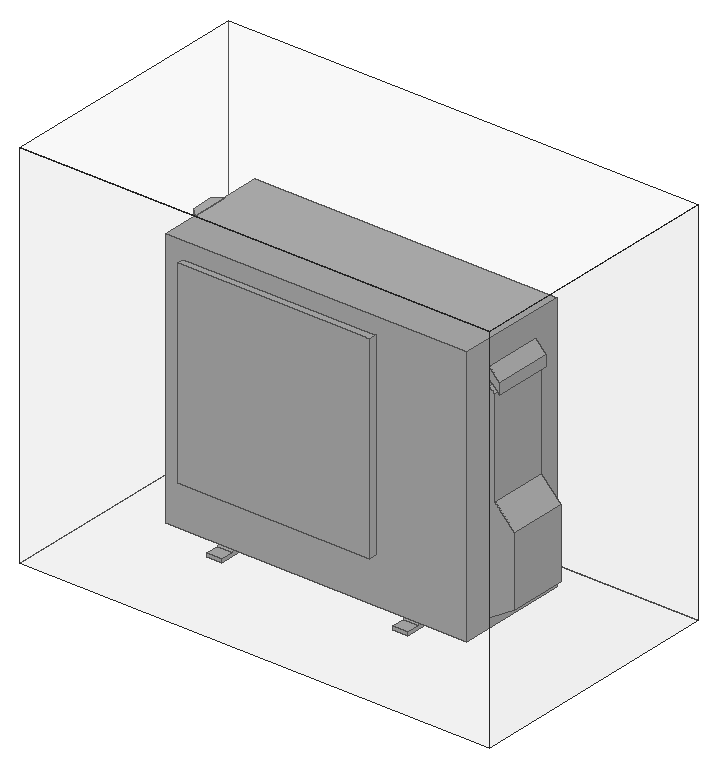
Revit family "ge-u722_60Hz", category 衛生器具, Revit 2019
Family settings
  丸型コネクタ寸法 = 直径を使用
  パーツ タイプ = 標準
  OmniClass 番号 = 23.75.10.17.17.11
  OmniClass タイトル = Heat Pumps, Heating Function
  作業面ベース = いいえ
  常に垂直 = はい
  ロード時にボイドで切り取り = いいえ
  共有 = いいえ
  部屋計算ポイント = いいえ
Parameters (values of type "ヒートポンプユニット_GE-U722S_三相")
  騒音レベル(dB(A)) = 47
  電源種別 = "一般"
  電圧_補機 = 0 V
  電圧 = 0 V
  電動機出力_送風機 = 0.05 kW
  電動機出力_圧縮機 = 1.30 kW
  運転質量 = 53.00 kg
  質量 = 0.00 kg
  貯湯量 = 0.0 L
  負荷分類 = 1_熱源類
  耐震強度 = 0
  給湯量 [instance] = 0.0 L
  給湯能力 = 7.20 kW
  給湯管径 = 0 mm
  温水配管 = no
  温水出口温度_一次側 = 0 °C
  温水入口温度_一次側 = 0 °C
  減圧弁圧力 = 0.0 Pa
  沸き上げ温度範囲 = "約65～85℃"
  水配管 = no
  機械基礎質量 = 0
  機械基礎_W = 0 mm
  機械基礎_H = 0 mm
  機械基礎_D = 0 mm
  構成品番 = "GE-U722S"
  極数 = 3
  最高給水圧力 = 0 kPa
  最高使用圧力 = 0.0 Pa
  最大電流値 = 0 A
  最低使用圧力 [instance] = 0 kPa
  推奨ブレーカー容量 = 0 A
  排水配管 = no
  排水管径 = 16 mm
  排気配管 = no
  名称 [instance] = ""
  吊り位置X = 500 mm
  吊り位置Y = 330 mm
  付属品_防振装置 = ""
  上水量 = 0.0 L
  上水管径 = 0 mm
  ユニット３ [instance] = no
  ユニット２ [instance] = no
  ユニット数 = 1
  ヒートポンプユニット運転音 冬期高温 （dB(A)) = 47
  ヒートポンプユニット運転音 冬期標準 （dB(A)) = 47
  ヒートポンプユニット運転音 中間期標準 （dB(A)) = 44
  ケーブルサイズ = 0 mm
  URL = "https://www.mitsubishielectric.co.jp/ldg/wink/ssl/displayProduct.do?pid=254749"
  S寸法 = 0 mm
  FamilyVersion = "ver1.6"
  説明 = "自然冷媒CO２小型業務用ヒートポンプ給湯機"
  設置方法 = "床置"
  記号 [instance] = ""
  製造元 = "三菱電機株式会社"
  製品質量 = 53.00 kg
  製品出荷対象 = "国内"
  製品リリース年月 = "2015/02/27"
  製品グループ = ""
  系統 [instance] = ""
  符号 = "WHP"
  積算_科目 = "8 給湯設備"
  積算_拾い区分 [instance] = ""
  盤記号 [instance] = ""
  発停方法 = ""
  特殊仕様 [instance] = ""
  消費電力 = 1.67 kW
  法定耐用年数 = "15"
  材質 [instance] = ""
  形式 = "業務用ヒートポンプ給湯機"
  幹線記号 = ""
  始動方式 = ""
  呼称 = "ヒートポンプ給湯機"
  周波数 = 60 Hz
  参照している仕様書等のバージョン = "公共建築工事標準仕様書（機械設備工事編）平成31年度版"
  分類コード = "50056502300030"
  分類グループ = ""
  企業コード = "108420"
  仕様書バージョン = "Version1.0"
  Model = ""
  サービススペース = yes
  コメント [instance] = ""
  Width = 879 mm
  Version = ""
  Uniclass2015Version = "Systems v1.9"
  Uniclass2015Title = "Air to water heat pumps"
  Uniclass2015Code = "Pr_70_60_37_04"
  SpecificationReference = ""
  SpecificationDescription = ""
  Revision = ""
  ProductInformation = ""
  OmniClassCode = "23-33 17 11 11"
  IfcTypeProduct = ""
  IfcProduct = ""
  IfcExportType = "USERDEFINED"
  IfcExportAs = "IfcPumpType"
  Height = 715 mm
  Depth = 300 mm
  価格 = 0
  Clearance Top = 1000 mm
  Clearance Right = 300 mm
  Clearance Left = 150 mm
  Clearance Front = 300 mm
  Clearance Bottom = 0 mm
  Clearance Back = 100 mm
  Author = "三菱電機株式会社"
Types (3, lengths in mm): name | 運転質量 | 構成品番 | URL | 製品質量
  (no name) | 53.00 kg | "GE-U722S" | "https://www.mitsubishielectric.co.jp/ldg/wink/ssl/displayProduct.do?pid=254749" | 53.00 kg
  ヒートポンプユニット_GE-U722S_三相 | 53.00 kg | "GE-U722S" | "https://www.mitsubishielectric.co.jp/ldg/wink/ssl/displayProduct.do?pid=254749" | 53.00 kg
  ヒートポンプユニット_GE-U722_単相 | 55.00 kg | "GE-U722" | "https://www.mitsubishielectric.co.jp/ldg/wink/ssl/displayProduct.do?pid=254748" | 55.00 kg
Reference planes
  plane 1 "中心(正面/背面)": y = 0
  plane 2: z = 0
  plane 3 "中心(左/右)": x = 0
  plane 4: z = 715
  plane 5: z = 0
  plane 6: z = 0
  plane 7: z = 1000
  plane 8: x = 404.5
  plane 9: y = 0
  plane 10: y = -300
  plane 11: y = -300
  plane 12: x = 404.5
  plane 13: x = -554.5
  plane 14: x = 704.5
  plane 15: y = 100
  plane 16: y = -600
  plane 17: x = -404.5
  plane 18: y = -315
  plane 19: x = -250
  plane 20: x = 250
  plane 21: x = 474.5
  plane 22: y = 0
Dimensions and locks
  "Height": plane 4 to level
  level to plane 6 = 0 mm
  "Clearance Right": plane 8 to plane 14
  "Clearance Front": plane 16 to plane 11
  "Clearance Left": plane 13 to plane 17
  equal spacing: plane 17, plane 3 "中心(左/右)", plane 12
  "Clearance Back": plane 9 to plane 15
  equal spacing: plane 19, plane 3 "中心(左/右)", plane 20
  "吊り位置X": plane 19 to plane 20
  "Clearance Top": plane 7 to level
  "Width": plane 17 to plane 21
  "Depth": plane 11 to plane 22
  "吊り位置Y": nested 2 to plane 22
  aligned and locked: level to plane 2
  aligned and locked: plane 13 to nested 1
  aligned and locked: plane 14 to nested 1
  aligned and locked: plane 16 to nested 1
  aligned and locked: plane 15 to nested 1
  aligned and locked: nested 2 to plane 20
  aligned and locked: plane 19 to nested 2
  aligned and locked: plane 9 to nested 3
  aligned and locked: nested 1 to plane 7
Nested families
  nested 1: "サービススペース" at (75, -250, 500), visible <- "サービススペース", type "サービススペース"
    with Width 1259 mm, Height 1000 mm, Depth 700 mm
  nested 2: "固定点" at (-250, -330, 0), D <- "吊り位置Y", W <- "吊り位置X", type "固定点"
    with W 500 mm, D 330 mm
  nested 3: "ヒートポンプユニット" at (0, 0, 0), type "ヒートポンプユニット"
Connectors
  electrical at (439.5, -63, 247), driven by "負荷分類", driven by "電圧", driven by "消費電力", driven by "極数"
    settings: on nested 3, index 1, voltage 0 V, apparent load 1670 VA, apparent load phase1 0 VA, apparent load phase2 0 VA, apparent load phase3 0 VA, power factor 1, load classification "1_熱源類", number of poles 3, system type 30, power factor state 1, is connector primary yes, connector utility no, sub classification motor no, connector description ""
  piping at (439.5, -63, 207), driven by "給湯管径"
    settings: on nested 3, index 2, connector diameter 0 mm, connector inside diameter 609.6 mm, connector length 0 mm, flow factor 0, pipe flow 0.0 L/s, pressure drop 0 kPa, fitting loss kfactor 0, connector angle 0.00°, fixture units 0, engagement length 0 mm, angle of deflection 0.00°, flow configuration 1, flow direction 2, fitting loss method 4, system type 7, joint type 0, gender type 0, connector reference index -1, connector utility 0, adjustable connector no, is connector primary yes, connector description ""
  piping at (439.5, -63, 127), driven by "上水管径"
    settings: on nested 3, index 4, connector diameter 0 mm, connector inside diameter 609.6 mm, connector length 0 mm, flow factor 0, pipe flow 0.0 L/s, pressure drop 0 kPa, fitting loss kfactor 0, connector angle 0.00°, fixture units 0, engagement length 0 mm, angle of deflection 0.00°, flow configuration 1, flow direction 1, fitting loss method 4, system type 7, joint type 0, gender type 0, connector reference index -1, connector utility 0, adjustable connector no, is connector primary no, connector description ""
  piping at (0, 3.507, -16.056), diameter 16, driven by "排水管径"
    settings: on nested 3, index 5, connector inside diameter 609.6 mm, connector length 0 mm, flow factor 0, pipe flow 0.0 L/s, pressure drop 0 kPa, fitting loss kfactor 0, connector angle 0.00°, fixture units 0, engagement length 0 mm, angle of deflection 0.00°, flow configuration 1, flow direction 2, fitting loss method 4, system type 16, joint type 0, gender type 0, connector reference index -1, connector utility 0, adjustable connector no, is connector primary no, connector description ""
Definition of nested family "サービススペース"
  Parameters (values of type "サービススペース")
    Width [instance] = 500 mm
    Height [instance] = 500 mm
    Depth [instance] = 500 mm
  Reference planes
    plane 1 "中心(正面/背面)": y = 0
    plane 2: z = 0
    plane 3 "中心(左/右)": x = 0
    plane 4: y = -250
    plane 5: x = 250
    plane 6: y = 250
    plane 7: x = -250
    plane 8: z = 250
    plane 9: z = -250
  Forms (mm)
    Extrusion 1, solid
      sketch origin (-638.939, 0, 72.39) x (1, 0, 0) y (0, 1, 0)
        loop
          line (388.939, 250) -> (388.939, -250) -> (888.939, -250) -> (888.939, 250) -> (388.939, 250)
      from -322.39 to 177.61
  Lines and regions (mm)
    symbolic lines
      curve 1: line (-250, 0, 250) -> (250, 0, 250)
      curve 2: line (-250, 0, -250) -> (-250, 0, 250)
      curve 3: line (250, 0, -250) -> (-250, 0, -250)
      curve 4: line (250, 0, 250) -> (250, 0, -250)
      curve 5: line (0, -250, 250) -> (0, 250, 250)
      curve 6: line (0, -250, -250) -> (0, -250, 250)
      curve 7: line (0, 250, -250) -> (0, -250, -250)
      curve 8: line (0, 250, 250) -> (0, 250, -250)
      curve 9: line (-250, 250, 0) -> (250, 250, 0)
      curve 10: line (-250, -250, 0) -> (-250, 250, 0)
      curve 11: line (250, -250, 0) -> (-250, -250, 0)
      curve 12: line (250, 250, 0) -> (250, -250, 0)
  Dimensions and locks
    equal spacing: plane 7, plane 3 "中心(左/右)", plane 5
    equal spacing: plane 4, plane 1 "中心(正面/背面)", plane 6
    "Depth": plane 4 to plane 6
    "Width": plane 7 to plane 5
    equal spacing: plane 8, plane 2, plane 9
    "Height": plane 8 to plane 9
    aligned and locked: plane 9 to curve 3
    aligned and locked: plane 7 to curve 2
    aligned and locked: curve 4 to plane 5
    aligned and locked: plane 5 to Extrusion 1
    aligned and locked: Extrusion 1 to plane 7
    aligned and locked: Extrusion 1 to plane 9
    aligned and locked: plane 8 to Extrusion 1
    aligned and locked: plane 9 to curve 7
  Automatic sketch dimensions
    plane 4 to Extrusion 1 sketch curve = 0 mm
    Extrusion 1 sketch curve to plane 7 = 0 mm
    Extrusion 1 sketch curve to plane 5 = 0 mm
    plane 6 to Extrusion 1 sketch curve = 0 mm
    curve 2 to plane 8 = 0 mm
    plane 4 to curve 11 = 0 mm
    curve 11 to plane 7 = 0 mm
    curve 11 to plane 5 = 0 mm
    plane 6 to curve 10 = 0 mm
    curve 7 to plane 4 = 0 mm
    curve 7 to plane 6 = 0 mm
    curve 6 to plane 8 = 0 mm
Definition of nested family "ヒートポンプユニット"
  Parameters (values of type "ヒートポンプユニット")
    ﾋｰﾄﾎﾟﾝﾌﾟﾕﾆｯﾄ配管口(B)_Z = 207 mm
    ﾋｰﾄﾎﾟﾝﾌﾟﾕﾆｯﾄ配管口(A) = 127 mm
    本体高さ = 715 mm
    本体幅 = 809 mm
    本体奥行 = 300 mm
  Reference planes
    plane 1 "中心(正面/背面)": y = 0
    plane 2: z = 0
    plane 3 "中心(左/右)": x = 0
    plane 4: y = -300
    plane 5: x = -404.5
    plane 6: x = 404.5
    plane 7: x = -250
    plane 8: x = 250
    plane 9: y = -315
    plane 10: y = 15
    plane 11: y = 30
    plane 12: y = -330
    plane 13: x = -425.5
    plane 14: x = 474.5
    plane 15: z = 406
    plane 16: z = 715
    plane 17: z = 127
    plane 18: z = 207
    plane 19: x = 269.5
    plane 20: x = 229.5
    plane 21: x = -269.5
    plane 22: x = -229.5
    plane 23: x = 439.5
    plane 24: z = 247
  Forms (mm)
    Extrusion 1, solid
      sketch origin (0, -150, 0) x (1, 0, 0) y (0, 0, 1)
        loop
          line (-404.5, 715) -> (-404.5, 20) -> (404.5, 20) -> (404.5, 715) -> (-404.5, 715)
      from -150 to 150
    Extrusion 2, solid
      sketch origin (0, -150, 0) x (0, 1, 0) y (0, 0, 1)
        loop
          line (-180, 0) -> (0, 0) -> (180, 0) -> (180, 8) -> (143.237, 8) -> (136.309, 20) -> (0, 20) -> (-136.309, 20) -> (-143.237, 8) -> (-180, 8) -> (-180, 0)
      from 229.5 to 269.5
    Extrusion 3, solid
      sketch origin (0, -150, 0) x (0, 1, 0) y (0, 0, -1)
        loop
          line (-180, 0) -> (-180, -8) -> (-143.237, -8) -> (-136.309, -20) -> (0, -20) -> (136.309, -20) -> (143.237, -8) -> (180, -8) -> (180, 0) -> (0, 0) -> (-180, 0)
      from 229.5 to 269.5
    Extrusion 4, solid
      sketch origin (-357.101, -150, 0) x (0, 1, 0) y (0, 0, 1)
        loop
          line (-150, 670) -> (-170, 670) -> (-170, 142) -> (-150, 142) -> (-150, 670)
      from 0 to 516
    Extrusion 5, solid
      sketch origin (2.5, -150, 0) x (1, 0, 0) y (0, 0, 1)
        loop
          line (402, 45) -> (472, 88.741) -> (472, 273.028) -> (417.5, 327.528) -> (417.5, 587.528) -> (402, 603.028) -> (402, 45)
        loop
          line (402, 620) -> (417.5, 604.5) -> (431.642, 590.358) -> (431.642, 620.358) -> (402, 650) -> (402, 620)
      from -77 to 77
    Extrusion 6, solid
      sketch origin (0, -150, 0) x (1, 0, 0) y (0, 1, 0)
        loop
          line (-404.5, -49.5) -> (-404.5, 49.5) -> (-425.5, 28.5) -> (-425.5, -28.5) -> (-404.5, -49.5)
      from 689 to 715
    Extrusion 7, solid
      sketch origin (0, -150, 0) x (1, 0, 0) y (0, 0, 1)
        loop
          circle (439.5, 127) r 10.85
      from -77 to -87
    Extrusion 8, solid
      sketch origin (0, -150, 80) x (1, 0, 0) y (0, 0, 1)
        loop
          circle (439.5, 127) r 10.85
      from -77 to -87
    Sweep 9, solid
      path origin (0, -150, 0) x (0, 1, 0) y (0, 0, 1)
        loop
          line (93, 20) -> (93, -5.173)
          arc (93, -5.173) -> (95.867, -12.182) -> (102.825, -15.172) r 10
          line (102.825, -15.172) -> (153.507, -16.056)
      profile origin (0, -57, 7.413) x (1, 0, 0) y (0, 1, 0)
        loop
          circle (0, 0) r 8
    Extrusion 10, solid
      sketch origin (0, -150, 120) x (1, 0, 0) y (0, 0, 1)
        loop
          circle (439.5, 127) r 10.85
      from -77 to -87
  Lines and regions (mm)
    model lines, detail levels fine
      curve 1: line (-327.101, -320, 670) -> (-327.101, -320, 142)
      curve 2: line (-296.447, -320, 670) -> (-296.447, -320, 142)
      curve 3: line (-265.793, -320, 670) -> (-265.793, -320, 142)
      curve 4: line (-235.139, -320, 670) -> (-235.139, -320, 142)
      curve 5: line (-204.485, -320, 670) -> (-204.485, -320, 142)
      curve 6: line (-173.832, -320, 670) -> (-173.832, -320, 142)
      curve 7: line (-143.178, -320, 670) -> (-143.178, -320, 142)
      curve 8: line (-112.524, -320, 670) -> (-112.524, -320, 142)
      curve 9: line (-81.87, -320, 670) -> (-81.87, -320, 142)
      curve 10: line (-51.216, -320, 670) -> (-51.216, -320, 142)
      curve 11: line (-20.562, -320, 670) -> (-20.562, -320, 142)
      curve 12: line (10.092, -320, 670) -> (10.092, -320, 142)
      curve 13: line (40.745, -320, 670) -> (40.745, -320, 142)
      curve 14: line (-357.101, -320, 631.463) -> (158.899, -320, 631.463)
      curve 15: line (-357.101, -320, 546.463) -> (158.899, -320, 546.463)
      curve 16: line (-357.101, -320, 451.463) -> (158.899, -320, 451.463)
      curve 17: line (-357.101, -320, 183.537) -> (158.899, -320, 183.537)
      curve 18: line (-357.101, -320, 268.537) -> (158.899, -320, 268.537)
      curve 19: line (-357.101, -320, 363.537) -> (158.899, -320, 363.537)
      curve 20: line (-357.101, -320, 670) -> (158.899, -320, 670)
      curve 21: line (158.899, -320, 670) -> (158.899, -320, 142)
      curve 22: line (158.899, -320, 142) -> (-357.101, -320, 142)
      curve 23: line (-357.101, -320, 142) -> (-357.101, -320, 670)
      curve 24: line (71.399, -320, 670) -> (71.399, -320, 142)
      curve 25: line (102.053, -320, 670) -> (102.053, -320, 142)
      curve 26: line (132.707, -320, 670) -> (132.707, -320, 142)
      curve 27: line (-404.5, -162.5, 669.328) -> (-404.5, -227.5, 669.328)
      curve 28: line (-404.5, -162.5, 650.934) -> (-404.5, -162.5, 669.328)
      curve 29: line (-404.5, -227.5, 650.934) -> (-404.5, -162.5, 650.934)
      curve 30: line (-404.5, -227.5, 669.328) -> (-404.5, -227.5, 650.934)
      curve 31: line (-404.5, -136.25, 669.328) -> (-404.5, -71.25, 669.328)
      curve 32: line (-404.5, -136.25, 650.934) -> (-404.5, -136.25, 669.328)
      curve 33: line (-404.5, -71.25, 650.934) -> (-404.5, -136.25, 650.934)
      curve 34: line (-404.5, -71.25, 669.328) -> (-404.5, -71.25, 650.934)
      curve 35: line (-404.5, -162.5, 639.328) -> (-404.5, -227.5, 639.328)
      curve 36: line (-404.5, -162.5, 620.934) -> (-404.5, -162.5, 639.328)
      curve 37: line (-404.5, -227.5, 620.934) -> (-404.5, -162.5, 620.934)
      curve 38: line (-404.5, -227.5, 639.328) -> (-404.5, -227.5, 620.934)
      curve 39: line (-404.5, -136.25, 639.328) -> (-404.5, -71.25, 639.328)
      curve 40: line (-404.5, -136.25, 620.934) -> (-404.5, -136.25, 639.328)
      curve 41: line (-404.5, -71.25, 620.934) -> (-404.5, -136.25, 620.934)
      curve 42: line (-404.5, -71.25, 639.328) -> (-404.5, -71.25, 620.934)
      curve 43: line (-404.5, -162.5, 609.328) -> (-404.5, -227.5, 609.328)
      curve 44: line (-404.5, -162.5, 590.934) -> (-404.5, -162.5, 609.328)
      curve 45: line (-404.5, -227.5, 590.934) -> (-404.5, -162.5, 590.934)
      curve 46: line (-404.5, -227.5, 609.328) -> (-404.5, -227.5, 590.934)
      curve 47: line (-404.5, -136.25, 609.328) -> (-404.5, -71.25, 609.328)
      curve 48: line (-404.5, -136.25, 590.934) -> (-404.5, -136.25, 609.328)
      curve 49: line (-404.5, -71.25, 590.934) -> (-404.5, -136.25, 590.934)
      curve 50: line (-404.5, -71.25, 609.328) -> (-404.5, -71.25, 590.934)
      curve 51: line (-404.5, -162.5, 579.328) -> (-404.5, -227.5, 579.328)
      curve 52: line (-404.5, -162.5, 560.934) -> (-404.5, -162.5, 579.328)
      curve 53: line (-404.5, -227.5, 560.934) -> (-404.5, -162.5, 560.934)
      curve 54: line (-404.5, -227.5, 579.328) -> (-404.5, -227.5, 560.934)
      curve 55: line (-404.5, -136.25, 579.328) -> (-404.5, -71.25, 579.328)
      curve 56: line (-404.5, -136.25, 560.934) -> (-404.5, -136.25, 579.328)
      curve 57: line (-404.5, -71.25, 560.934) -> (-404.5, -136.25, 560.934)
      curve 58: line (-404.5, -71.25, 579.328) -> (-404.5, -71.25, 560.934)
      curve 59: line (-404.5, -162.5, 549.328) -> (-404.5, -227.5, 549.328)
      curve 60: line (-404.5, -162.5, 530.934) -> (-404.5, -162.5, 549.328)
      curve 61: line (-404.5, -227.5, 530.934) -> (-404.5, -162.5, 530.934)
      curve 62: line (-404.5, -227.5, 549.328) -> (-404.5, -227.5, 530.934)
      curve 63: line (-404.5, -136.25, 549.328) -> (-404.5, -71.25, 549.328)
      curve 64: line (-404.5, -136.25, 530.934) -> (-404.5, -136.25, 549.328)
      curve 65: line (-404.5, -71.25, 530.934) -> (-404.5, -136.25, 530.934)
      curve 66: line (-404.5, -71.25, 549.328) -> (-404.5, -71.25, 530.934)
      curve 67: line (-404.5, -162.5, 519.328) -> (-404.5, -227.5, 519.328)
      curve 68: line (-404.5, -162.5, 500.934) -> (-404.5, -162.5, 519.328)
      curve 69: line (-404.5, -227.5, 500.934) -> (-404.5, -162.5, 500.934)
      curve 70: line (-404.5, -227.5, 519.328) -> (-404.5, -227.5, 500.934)
      curve 71: line (-404.5, -136.25, 519.328) -> (-404.5, -71.25, 519.328)
      curve 72: line (-404.5, -136.25, 500.934) -> (-404.5, -136.25, 519.328)
      curve 73: line (-404.5, -71.25, 500.934) -> (-404.5, -136.25, 500.934)
      curve 74: line (-404.5, -71.25, 519.328) -> (-404.5, -71.25, 500.934)
      curve 75: line (-404.5, -162.5, 489.328) -> (-404.5, -227.5, 489.328)
      curve 76: line (-404.5, -162.5, 470.934) -> (-404.5, -162.5, 489.328)
      curve 77: line (-404.5, -227.5, 470.934) -> (-404.5, -162.5, 470.934)
      curve 78: line (-404.5, -227.5, 489.328) -> (-404.5, -227.5, 470.934)
      curve 79: line (-404.5, -136.25, 489.328) -> (-404.5, -71.25, 489.328)
      curve 80: line (-404.5, -136.25, 470.934) -> (-404.5, -136.25, 489.328)
      curve 81: line (-404.5, -71.25, 470.934) -> (-404.5, -136.25, 470.934)
      curve 82: line (-404.5, -71.25, 489.328) -> (-404.5, -71.25, 470.934)
      curve 83: line (-404.5, -162.5, 459.328) -> (-404.5, -227.5, 459.328)
      curve 84: line (-404.5, -162.5, 440.934) -> (-404.5, -162.5, 459.328)
      curve 85: line (-404.5, -227.5, 440.934) -> (-404.5, -162.5, 440.934)
      curve 86: line (-404.5, -227.5, 459.328) -> (-404.5, -227.5, 440.934)
      curve 87: line (-404.5, -136.25, 459.328) -> (-404.5, -71.25, 459.328)
      curve 88: line (-404.5, -136.25, 440.934) -> (-404.5, -136.25, 459.328)
      curve 89: line (-404.5, -71.25, 440.934) -> (-404.5, -136.25, 440.934)
      curve 90: line (-404.5, -71.25, 459.328) -> (-404.5, -71.25, 440.934)
      curve 91: line (-404.5, -162.5, 429.328) -> (-404.5, -227.5, 429.328)
      curve 92: line (-404.5, -162.5, 410.934) -> (-404.5, -162.5, 429.328)
      curve 93: line (-404.5, -227.5, 410.934) -> (-404.5, -162.5, 410.934)
      curve 94: line (-404.5, -227.5, 429.328) -> (-404.5, -227.5, 410.934)
      curve 95: line (-404.5, -136.25, 429.328) -> (-404.5, -71.25, 429.328)
      curve 96: line (-404.5, -136.25, 410.934) -> (-404.5, -136.25, 429.328)
      curve 97: line (-404.5, -71.25, 410.934) -> (-404.5, -136.25, 410.934)
      curve 98: line (-404.5, -71.25, 429.328) -> (-404.5, -71.25, 410.934)
      curve 99: line (-404.5, -162.5, 399.328) -> (-404.5, -227.5, 399.328)
      curve 100: line (-404.5, -162.5, 380.934) -> (-404.5, -162.5, 399.328)
      curve 101: line (-404.5, -227.5, 380.934) -> (-404.5, -162.5, 380.934)
      curve 102: line (-404.5, -227.5, 399.328) -> (-404.5, -227.5, 380.934)
      curve 103: line (-404.5, -136.25, 399.328) -> (-404.5, -71.25, 399.328)
      curve 104: line (-404.5, -136.25, 380.934) -> (-404.5, -136.25, 399.328)
      curve 105: line (-404.5, -71.25, 380.934) -> (-404.5, -136.25, 380.934)
      curve 106: line (-404.5, -71.25, 399.328) -> (-404.5, -71.25, 380.934)
      curve 107: line (-404.5, -162.5, 369.328) -> (-404.5, -227.5, 369.328)
      curve 108: line (-404.5, -162.5, 350.934) -> (-404.5, -162.5, 369.328)
      curve 109: line (-404.5, -227.5, 350.934) -> (-404.5, -162.5, 350.934)
      curve 110: line (-404.5, -227.5, 369.328) -> (-404.5, -227.5, 350.934)
      curve 111: line (-404.5, -136.25, 369.328) -> (-404.5, -71.25, 369.328)
      curve 112: line (-404.5, -136.25, 350.934) -> (-404.5, -136.25, 369.328)
      curve 113: line (-404.5, -71.25, 350.934) -> (-404.5, -136.25, 350.934)
      curve 114: line (-404.5, -71.25, 369.328) -> (-404.5, -71.25, 350.934)
      curve 115: line (-404.5, -162.5, 339.328) -> (-404.5, -227.5, 339.328)
      curve 116: line (-404.5, -162.5, 320.934) -> (-404.5, -162.5, 339.328)
      curve 117: line (-404.5, -227.5, 320.934) -> (-404.5, -162.5, 320.934)
      curve 118: line (-404.5, -227.5, 339.328) -> (-404.5, -227.5, 320.934)
      curve 119: line (-404.5, -136.25, 339.328) -> (-404.5, -71.25, 339.328)
      curve 120: line (-404.5, -136.25, 320.934) -> (-404.5, -136.25, 339.328)
      curve 121: line (-404.5, -71.25, 320.934) -> (-404.5, -136.25, 320.934)
      curve 122: line (-404.5, -71.25, 339.328) -> (-404.5, -71.25, 320.934)
      curve 123: line (-404.5, -162.5, 309.328) -> (-404.5, -227.5, 309.328)
      curve 124: line (-404.5, -162.5, 290.934) -> (-404.5, -162.5, 309.328)
      curve 125: line (-404.5, -227.5, 290.934) -> (-404.5, -162.5, 290.934)
      curve 126: line (-404.5, -227.5, 309.328) -> (-404.5, -227.5, 290.934)
      curve 127: line (-404.5, -136.25, 309.328) -> (-404.5, -71.25, 309.328)
      curve 128: line (-404.5, -136.25, 290.934) -> (-404.5, -136.25, 309.328)
      curve 129: line (-404.5, -71.25, 290.934) -> (-404.5, -136.25, 290.934)
      curve 130: line (-404.5, -71.25, 309.328) -> (-404.5, -71.25, 290.934)
      curve 131: line (-404.5, -162.5, 279.328) -> (-404.5, -227.5, 279.328)
      curve 132: line (-404.5, -162.5, 260.934) -> (-404.5, -162.5, 279.328)
      curve 133: line (-404.5, -227.5, 260.934) -> (-404.5, -162.5, 260.934)
      curve 134: line (-404.5, -227.5, 279.328) -> (-404.5, -227.5, 260.934)
      curve 135: line (-404.5, -136.25, 279.328) -> (-404.5, -71.25, 279.328)
      curve 136: line (-404.5, -136.25, 260.934) -> (-404.5, -136.25, 279.328)
      curve 137: line (-404.5, -71.25, 260.934) -> (-404.5, -136.25, 260.934)
      curve 138: line (-404.5, -71.25, 279.328) -> (-404.5, -71.25, 260.934)
      curve 139: line (-404.5, -162.5, 249.328) -> (-404.5, -227.5, 249.328)
      curve 140: line (-404.5, -162.5, 230.934) -> (-404.5, -162.5, 249.328)
      curve 141: line (-404.5, -227.5, 230.934) -> (-404.5, -162.5, 230.934)
      curve 142: line (-404.5, -227.5, 249.328) -> (-404.5, -227.5, 230.934)
      curve 143: line (-404.5, -136.25, 249.328) -> (-404.5, -71.25, 249.328)
      curve 144: line (-404.5, -136.25, 230.934) -> (-404.5, -136.25, 249.328)
      curve 145: line (-404.5, -71.25, 230.934) -> (-404.5, -136.25, 230.934)
      curve 146: line (-404.5, -71.25, 249.328) -> (-404.5, -71.25, 230.934)
      curve 147: line (-404.5, -162.5, 219.328) -> (-404.5, -227.5, 219.328)
      curve 148: line (-404.5, -162.5, 200.934) -> (-404.5, -162.5, 219.328)
      curve 149: line (-404.5, -227.5, 200.934) -> (-404.5, -162.5, 200.934)
      curve 150: line (-404.5, -227.5, 219.328) -> (-404.5, -227.5, 200.934)
      curve 151: line (-404.5, -136.25, 219.328) -> (-404.5, -71.25, 219.328)
      curve 152: line (-404.5, -136.25, 200.934) -> (-404.5, -136.25, 219.328)
      curve 153: line (-404.5, -71.25, 200.934) -> (-404.5, -136.25, 200.934)
      curve 154: line (-404.5, -71.25, 219.328) -> (-404.5, -71.25, 200.934)
      curve 155: line (-404.5, -162.5, 189.328) -> (-404.5, -227.5, 189.328)
      curve 156: line (-404.5, -162.5, 170.934) -> (-404.5, -162.5, 189.328)
      curve 157: line (-404.5, -227.5, 170.934) -> (-404.5, -162.5, 170.934)
      curve 158: line (-404.5, -227.5, 189.328) -> (-404.5, -227.5, 170.934)
      curve 159: line (-404.5, -136.25, 189.328) -> (-404.5, -71.25, 189.328)
      curve 160: line (-404.5, -136.25, 170.934) -> (-404.5, -136.25, 189.328)
      curve 161: line (-404.5, -71.25, 170.934) -> (-404.5, -136.25, 170.934)
      curve 162: line (-404.5, -71.25, 189.328) -> (-404.5, -71.25, 170.934)
      curve 163: line (-404.5, -162.5, 159.328) -> (-404.5, -227.5, 159.328)
      curve 164: line (-404.5, -162.5, 140.934) -> (-404.5, -162.5, 159.328)
      curve 165: line (-404.5, -227.5, 140.934) -> (-404.5, -162.5, 140.934)
      curve 166: line (-404.5, -227.5, 159.328) -> (-404.5, -227.5, 140.934)
      curve 167: line (-404.5, -136.25, 159.328) -> (-404.5, -71.25, 159.328)
      curve 168: line (-404.5, -136.25, 140.934) -> (-404.5, -136.25, 159.328)
      curve 169: line (-404.5, -71.25, 140.934) -> (-404.5, -136.25, 140.934)
      curve 170: line (-404.5, -71.25, 159.328) -> (-404.5, -71.25, 140.934)
      curve 171: line (-404.5, -162.5, 129.328) -> (-404.5, -227.5, 129.328)
      curve 172: line (-404.5, -162.5, 110.934) -> (-404.5, -162.5, 129.328)
      curve 173: line (-404.5, -227.5, 110.934) -> (-404.5, -162.5, 110.934)
      curve 174: line (-404.5, -227.5, 129.328) -> (-404.5, -227.5, 110.934)
      curve 175: line (-404.5, -136.25, 129.328) -> (-404.5, -71.25, 129.328)
      curve 176: line (-404.5, -136.25, 110.934) -> (-404.5, -136.25, 129.328)
      curve 177: line (-404.5, -71.25, 110.934) -> (-404.5, -136.25, 110.934)
      curve 178: line (-404.5, -71.25, 129.328) -> (-404.5, -71.25, 110.934)
      curve 179: line (-404.5, -162.5, 99.328) -> (-404.5, -227.5, 99.328)
      curve 180: line (-404.5, -162.5, 80.934) -> (-404.5, -162.5, 99.328)
      curve 181: line (-404.5, -227.5, 80.934) -> (-404.5, -162.5, 80.934)
      curve 182: line (-404.5, -227.5, 99.328) -> (-404.5, -227.5, 80.934)
      curve 183: line (-404.5, -136.25, 99.328) -> (-404.5, -71.25, 99.328)
      curve 184: line (-404.5, -136.25, 80.934) -> (-404.5, -136.25, 99.328)
      curve 185: line (-404.5, -71.25, 80.934) -> (-404.5, -136.25, 80.934)
      curve 186: line (-404.5, -71.25, 99.328) -> (-404.5, -71.25, 80.934)
  Dimensions and locks
    equal spacing: plane 5, plane 3 "中心(左/右)", plane 6
    "本体幅": plane 5 to plane 6
    equal spacing: plane 7, plane 3 "中心(左/右)", plane 8
    plane 7 to plane 8 = 500 mm
    "本体奥行": plane 4 to plane 1 "中心(正面/背面)"
    locked: plane 9 to plane 10 at 330
    locked: plane 12 to plane 11 at 360
    plane 1 "中心(正面/背面)" to plane 10 to plane 11 = 15 mm, 15 mm
    plane 12 to plane 9 to plane 4 = 15 mm locked, 15 mm locked
    plane 13 to plane 5 = 21 mm
    plane 6 to plane 14 = 70 mm
    plane 15 to plane 2 = 406 mm
    "本体高さ": plane 16 to level
    "ﾋｰﾄﾎﾟﾝﾌﾟﾕﾆｯﾄ配管口(A)": plane 17 to plane 2
    "ﾋｰﾄﾎﾟﾝﾌﾟﾕﾆｯﾄ配管口(B)_Z": plane 18 to plane 2
    plane 22 to plane 21 = 40 mm
    plane 20 to plane 19 = 40 mm
    plane 6 to plane 23 = 35 mm
    locked: plane 24 to plane 18 at 40
    aligned and locked: level to plane 2
    aligned and locked: plane 12 to Extrusion 3
    aligned and locked: Extrusion 3 to plane 11
    aligned and locked: Extrusion 2 to plane 11
    aligned and locked: plane 12 to Extrusion 2
    aligned and locked: Extrusion 6 to plane 13
    aligned and locked: Extrusion 5 to plane 14
    aligned and locked: plane 19 to Extrusion 2
    aligned and locked: plane 20 to Extrusion 2
    aligned and locked: plane 22 to Extrusion 3
    aligned and locked: Extrusion 3 to plane 21
    aligned and locked: plane 18 to Extrusion 8 sketch curve
    aligned and locked: plane 23 to Extrusion 8 sketch curve
    aligned and locked: plane 17 to Extrusion 7 sketch curve
    aligned and locked: plane 23 to Extrusion 7 sketch curve
    aligned and locked: plane 24 to Extrusion 10 sketch curve
    aligned and locked: plane 23 to Extrusion 10 sketch curve
  Automatic sketch dimensions
    Extrusion 1 sketch curve to plane 5 = 0 mm
    plane 6 to Extrusion 1 sketch curve = 0 mm
    Extrusion 1 sketch curve to plane 16 = 0 mm
    level to Extrusion 1 sketch curve = 20 mm
    Extrusion 2 sketch curve to level = 0 mm
    Extrusion 2 sketch curve to plane 12 = 0 mm
    Extrusion 2 sketch curve to plane 11 = 0 mm
    Extrusion 2 sketch curve to plane 4 = 6.763 mm
    Extrusion 2 sketch curve to plane 4 = 13.691 mm
    Extrusion 2 sketch curve to Extrusion 2 sketch curve = 136.309 mm
    Extrusion 2 sketch curve to Extrusion 2 sketch curve = 0 mm
    plane 1 "中心(正面/背面)" to Extrusion 2 sketch curve = 13.691 mm
    plane 1 "中心(正面/背面)" to Extrusion 2 sketch curve = 6.763 mm
    level to Extrusion 2 sketch curve = 8 mm  (x2)
    Extrusion 2 sketch curve to Extrusion 2 sketch curve = 12 mm
    Extrusion 3 sketch curve to level = 0 mm
    Extrusion 3 sketch curve to plane 12 = 0 mm
    Extrusion 3 sketch curve to plane 11 = 0 mm
    Extrusion 3 sketch curve to plane 4 = 6.763 mm
    Extrusion 3 sketch curve to plane 4 = 13.691 mm
    Extrusion 3 sketch curve to Extrusion 3 sketch curve = 136.309 mm
    Extrusion 3 sketch curve to Extrusion 3 sketch curve = 0 mm
    plane 1 "中心(正面/背面)" to Extrusion 3 sketch curve = 13.691 mm
    plane 1 "中心(正面/背面)" to Extrusion 3 sketch curve = 6.763 mm
    level to Extrusion 3 sketch curve = 8 mm  (x2)
    Extrusion 3 sketch curve to Extrusion 3 sketch curve = 12 mm
    Extrusion 4 sketch curve to plane 4 = 0 mm
    plane 9 to Extrusion 4 sketch curve = 5 mm
    plane 17 to Extrusion 4 sketch curve = 15 mm
    Extrusion 4 sketch curve to plane 16 = 45 mm
    curve 20 to Extrusion 4 = 0 mm
    Extrusion 4 to curve 14 = 0 mm
    curve 14 to Extrusion 4 = 0 mm
    curve 22 to Extrusion 4 = 0 mm
    curve 20 to curve 14 = 38.537 mm
    curve 14 to curve 15 = 85 mm
    curve 15 to curve 16 = 95 mm
    curve 16 to curve 19 = 87.925 mm
    curve 19 to curve 18 = 95 mm
    curve 17 to curve 22 = 41.537 mm
    plane 6 to Extrusion 5 sketch curve = 0 mm  (x2)
    plane 14 to Extrusion 5 sketch curve = 0 mm
    Extrusion 5 sketch curve to plane 6 = 15.5 mm  (x2)
    plane 23 to Extrusion 5 sketch curve = 5.358 mm
    level to Extrusion 5 sketch curve = 45 mm
    Extrusion 5 sketch curve to plane 17 = 38.259 mm
    plane 18 to Extrusion 5 sketch curve = 66.028 mm
    Extrusion 5 sketch curve to Extrusion 5 sketch curve = 54.5 mm
    Extrusion 5 sketch curve to plane 16 = 127.472 mm
    Extrusion 5 sketch curve to Extrusion 5 sketch curve = 2.83 mm
    Extrusion 5 sketch curve to Extrusion 5 sketch curve = 15.5 mm
    Extrusion 5 sketch curve to Extrusion 5 sketch curve = 1.472 mm
    Extrusion 5 sketch curve to Extrusion 5 sketch curve = 16.972 mm
    Extrusion 5 sketch curve to Extrusion 5 sketch curve = 15.858 mm
    Extrusion 5 sketch curve to Extrusion 5 sketch curve = 30 mm
    Extrusion 6 sketch curve to plane 13 = 0 mm
    Extrusion 6 sketch curve to plane 5 = 0 mm
    Extrusion 6 sketch curve to plane 4 = 100.5 mm
    Extrusion 6 sketch curve to Extrusion 6 sketch curve = 21 mm  (x2)
    Extrusion 6 sketch curve to Extrusion 6 sketch curve = 57 mm
    Sweep 9 sketch curve to level = 5.173 mm
    plane 1 "中心(正面/背面)" to Sweep 9 sketch curve = 57 mm
    Sweep 9 sketch curve to level = 15.172 mm
    Sweep 9 sketch curve to Sweep 9 sketch curve = 9.825 mm
    Sweep 9 sketch curve to plane 1 "中心(正面/背面)" = 3.507 mm
    Sweep 9 sketch curve to level = 16.056 mm
    level to Sweep 9 sketch curve = 20 mm
    profile plane to Sweep 9 sketch curve = 0 mm
    Sweep 9 sketch curve to profile plane = 0 mm
    radius of Extrusion 7 sketch curve = 10.85 mm
    radius of Extrusion 8 sketch curve = 10.85 mm
    radius of Sweep 9 sketch curve = 8 mm
    radius of Extrusion 10 sketch curve = 10.85 mm
Definition of nested family "固定点"
  Parameters (values of type "固定点")
    中心円 = 20 mm
    W [instance] = 1000 mm
    D [instance] = 1000 mm
  Reference planes
    plane 1 "中心(正面/背面)": y = 0
    plane 2: z = 0
    plane 3 "中心(左/右)": x = 0
    plane 4: x = 1000
    plane 5: y = 1000
  Lines and regions (mm)
    symbolic lines, detail levels fine
      curve 1: line (-200, 1000, 0) -> (1200, 1000, 0)
      curve 2: line (-200, 0, 0) -> (1200, 0, 0)
      curve 3: line (0, 1200, 0) -> (0, -200, 0)
      curve 4: line (1000, 1200, 0) -> (1000, -200, 0)
    model lines, detail levels fine
      curve 5: circle (0, 1000, 0) r 10 normal (0, 0, 1)
      curve 6: circle (1000, 1000, 0) r 10 normal (0, 0, 1)
      curve 7: circle (1000, 0, 0) r 10 normal (0, 0, 1)
      curve 8: circle (0, 0, 0) r 10 normal (0, 0, 1)
  Dimensions and locks
    "W": plane 3 "中心(左/右)" to plane 4
    "D": plane 1 "中心(正面/背面)" to plane 5
    "中心円": diameter of curve 5
    "中心円": diameter of curve 8
    "中心円": diameter of curve 7
    "中心円": diameter of curve 6
    aligned and locked: level to plane 2
    aligned and locked: plane 1 "中心(正面/背面)" to curve 2
    aligned and locked: curve 3 to plane 3 "中心(左/右)"
    aligned and locked: curve 4 to plane 4
    aligned and locked: plane 1 "中心(正面/背面)" to curve 8
    aligned and locked: plane 3 "中心(左/右)" to curve 8
    aligned and locked: plane 1 "中心(正面/背面)" to curve 7
    aligned and locked: plane 4 to curve 7
    aligned and locked: plane 5 to curve 6
    aligned and locked: plane 4 to curve 6
    aligned and locked: plane 3 "中心(左/右)" to curve 5
    aligned and locked: plane 5 to curve 5
  Automatic sketch dimensions
    curve 1 to plane 5 = 0 mm
    curve 1 to plane 3 "中心(左/右)" = 200 mm
    curve 2 to plane 3 "中心(左/右)" = 200 mm
    curve 6 to curve 1 = 200 mm
    curve 7 to curve 2 = 200 mm
    plane 1 "中心(正面/背面)" to curve 3 = 200 mm
    plane 1 "中心(正面/背面)" to curve 4 = 200 mm
    curve 6 to curve 4 = 200 mm
    curve 5 to curve 3 = 200 mm
